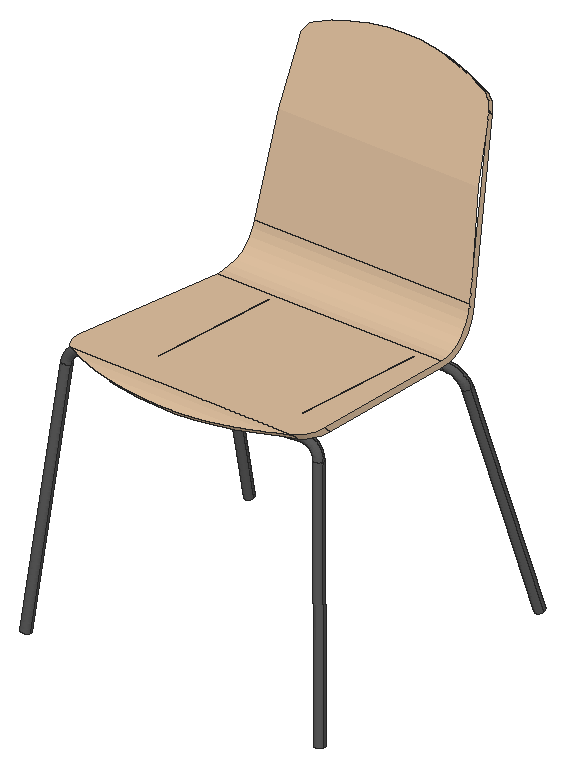
Revit family "FU_Chair_Sandler_Ann-1-1", category Furniture, Revit 2020
Family settings
  OmniClass Number = 23.40.20.00
  OmniClass Title = General Furniture and Specialties
  Work Plane-Based = No
  Always vertical = Yes
  Cut with Voids When Loaded = No
  Shared = No
  Room Calculation Point = No
Parameters (values of type "Ann 1.1")
  URL = "https://www.sandlerseating.com/product/ann-1-1/"
  Seat [instance] = Wood - Oak - Natural - V
  Model = "Ann 1.1"
  Manufacturer = "Sandler"
  Frame [instance] = Epoxy - M1_B00 - Black
  Description = "Side chair in wood with optional oval cut out in back. On 4 leg steel base.  Stacks 10 on floor and 15 on a trolley."
  Default Elevation = 0 mm
Reference planes
  plane 1 "Center (Front/Back)": y = 0
  plane 2: z = 0
  plane 3 "Center (Left/Right)": x = 0
  plane 4: x = -270
  plane 5: x = 270
  plane 6: y = 265
  plane 7: y = -265
  plane 8: z = 470
  plane 9: z = 830
Forms (mm)
  Sweep 1, solid, material "Epoxy - M1_B00 - Black" <- "Frame"
    path origin (0, -244.369, 0) x (0, 0.104528, 0.994522) y (1, 0, 0)
      loop
        line (0, -262.849) -> (427.252, -225.469)
        arc (427.252, -225.469) -> (448.33, -213.987) -> (454.241, -190.724) r 30
        arc (454.241, -190.724) -> (438.691, 0) -> (454.241, 190.724) r 1177.386
        arc (454.241, 190.724) -> (448.33, 213.987) -> (427.252, 225.469) r 30
        line (427.252, 225.469) -> (0, 262.849)
    profile origin (-244.159, -222.039, 212.456) x (0.996195, -0.00911, -0.086678) y (0, 0.994522, -0.104528)
      loop
        circle (0, 0) r 8
  Sweep 2, solid, material "Epoxy - M1_B00 - Black" <- "Frame"
    path origin (0, 251.566, 0) x (0, -0.284763, 0.958598) y (1, 0, 0)
      loop
        line (0, 259.963) -> (413.635, 223.774)
        arc (413.635, 223.774) -> (433.139, 214.156) -> (441.021, 193.888) r 30
        line (441.021, 193.888) -> (441.021, -193.888)
        arc (441.021, -193.888) -> (433.139, -214.156) -> (413.635, -223.774) r 30
        line (413.635, -223.774) -> (0, -259.963)
    profile origin (0, 125.98, 422.761) x (0, -0.284763, 0.958598) y (0, 0.958598, 0.284763)
      loop
        circle (0, 0) r 8
  Sweep 3, solid, material "Epoxy - M1_B00 - Black" <- "Frame"
    path origin (-129.454, -0.005, 1.25) x (0, 1, 0) y (0, 0, 1)
      loop
        line (126.591, 420.702) -> (-197.638, 444.612)
    profile origin (-129.454, -35.528, 433.907) x (0, -0.073544, -0.997292) y (1, 0, 0)
      loop
        circle (0, 0) r 7
  Sweep 4, solid, material "Epoxy - M1_B00 - Black" <- "Frame"
    path origin (129.454, -0.005, 1.25) x (0, 1, 0) y (0, 0, -1)
      loop
        line (126.591, -420.702) -> (-197.638, -444.612)
    profile origin (129.454, -35.528, 433.907) x (0, 0.073544, 0.997292) y (-1, 0, 0)
      loop
        circle (0, 0) r 7
  Extrusion 5, solid, material "Wood - Oak - Natural - V" <- "Seat"
    sketch origin (-129.454, 0, 0) x (0, 1, 0) y (0, 0, 1)
      loop
        arc (282.564, 822.372) -> (279.949, 828.942) -> (273.379, 826.327) r 5
        arc (273.379, 826.327) -> (215.886, 665.223) -> (179.379, 498.109) r 1340.39
        arc (179.379, 498.109) -> (154.491, 455.276) -> (107.081, 440.912) r 67.603
        line (107.081, 440.912) -> (-223.896, 467.764)
        arc (-223.896, 467.764) -> (-247.255, 467.121) -> (-269.929, 461.466) r 107.937
        arc (-269.929, 461.466) -> (-272.893, 455.046) -> (-266.473, 452.082) r 5
        arc (-266.473, 452.082) -> (-245.9, 457.213) -> (-224.704, 457.797) r 97.937
        line (-224.704, 457.797) -> (108.692, 430.749)
        arc (108.692, 430.749) -> (161.341, 446.724) -> (188.921, 494.332) r 75
        arc (188.921, 494.332) -> (225.184, 661.366) -> (282.564, 822.372) r 1330.39
    from -103.322 to 373.829
  Extrusion 6, void
    sketch origin (0, -574.826, 579.826) x (0, -0.707107, -0.707107) y (-1, 0, 0)
      loop
        arc (-716.96, 169.201) -> (-731.839, 163.568) -> (-741.745, 151.119) r 30
        arc (-741.745, 151.119) -> (-772.677, 0) -> (-741.745, -151.119) r 384.613
        arc (-741.745, -151.119) -> (-731.839, -163.568) -> (-716.96, -169.201) r 30
        line (-716.96, -169.201) -> (-200.161, -217.686)
        arc (-200.161, -217.686) -> (-181.482, -213.272) -> (-169.302, -198.439) r 30
        arc (-169.302, -198.439) -> (-132.996, 0) -> (-169.302, 198.439) r 560.464
        arc (-169.302, 198.439) -> (-181.482, 213.272) -> (-200.161, 217.686) r 30
        line (-200.161, 217.686) -> (-716.96, 169.201)
      loop
        line (-851.588, 329.361) -> (-851.588, -365.639) -> (-76.588, -365.639) -> (-76.588, 329.361) -> (-851.588, 329.361)
    from 0 to 688.933
Cuts and joins
  Extrusion 6 cuts Extrusion 5
Dimensions and locks
  equal spacing: plane 4, plane 3 "Center (Left/Right)", plane 5
  plane 4 to plane 5 = 540 mm
  equal spacing: plane 7, plane 1 "Center (Front/Back)", plane 6
  plane 7 to plane 6 = 530 mm
  plane 9 to level = 830 mm
  plane 8 to level = 470 mm
  aligned and locked: level to plane 2
Automatic sketch dimensions
  Sweep 1 sketch curve to plane 3 "Center (Left/Right)" = 0 mm
  plane 5 to Sweep 1 sketch curve = 74.417 mm
  Sweep 1 sketch curve to Sweep 1 sketch curve = 0 mm  (x2)
  plane 5 to Sweep 1 sketch curve = 44.531 mm
  Sweep 1 sketch curve to Sweep 1 sketch curve = 2.615 mm  (x2)
  plane 4 to Sweep 1 sketch curve = 44.531 mm
  Sweep 1 sketch curve to Sweep 1 sketch curve = 1191.44 mm
  plane 4 to Sweep 1 sketch curve = 7.151 mm
  Sweep 1 sketch curve to Sweep 1 sketch curve = 427.252 mm  (x2)
  plane 5 to Sweep 1 sketch curve = 7.151 mm
  Sweep 1 sketch curve to profile plane = 0 mm  (x2)
  plane 5 to Sweep 2 sketch curve = 76.112 mm
  Sweep 2 sketch curve to Sweep 2 sketch curve = 0 mm
  plane 5 to Sweep 2 sketch curve = 46.226 mm
  Sweep 2 sketch curve to Sweep 2 sketch curve = 2.615 mm
  plane 4 to Sweep 2 sketch curve = 46.226 mm
  plane 4 to Sweep 2 sketch curve = 10.037 mm
  Sweep 2 sketch curve to Sweep 2 sketch curve = 413.635 mm  (x2)
  plane 5 to Sweep 2 sketch curve = 10.037 mm
  profile plane to Sweep 2 sketch curve = 0 mm
  Sweep 2 sketch curve to profile plane = 0 mm
  Sweep 3 sketch curve to plane 8 = 24.138 mm
  Sweep 3 sketch curve to plane 7 = 67.357 mm
  Sweep 3 sketch curve to plane 8 = 48.048 mm
  Sweep 3 sketch curve to plane 1 "Center (Front/Back)" = 126.586 mm
  Sweep 3 sketch curve to profile plane = 0 mm  (x2)
  Sweep 4 sketch curve to plane 8 = 24.138 mm
  Sweep 4 sketch curve to plane 7 = 67.357 mm
  Sweep 4 sketch curve to plane 8 = 48.048 mm
  Sweep 4 sketch curve to plane 1 "Center (Front/Back)" = 126.586 mm
  profile plane to Sweep 4 sketch curve = 0 mm
  Sweep 4 sketch curve to profile plane = 0 mm
  Extrusion 6 sketch curve to plane 3 "Center (Left/Right)" = 0 mm  (x2)
  Extrusion 6 sketch curve to plane 5 = 95.639 mm
  plane 5 to Extrusion 6 sketch curve = 100.799 mm
  Extrusion 6 sketch curve to Extrusion 6 sketch curve = 134.628 mm  (x2)
  Extrusion 6 sketch curve to Extrusion 6 sketch curve = 2.802 mm  (x4)
  Extrusion 6 sketch curve to Extrusion 6 sketch curve = 20.698 mm
  plane 5 to Extrusion 6 sketch curve = 52.314 mm
  Extrusion 6 sketch curve to Extrusion 6 sketch curve = 29.869 mm  (x4)
  Extrusion 6 sketch curve to plane 4 = 59.361 mm
  Extrusion 6 sketch curve to Extrusion 6 sketch curve = 0 mm  (x2)
  Sweep 1 sketch curve to Sweep 1 sketch curve = 29.886 mm
  plane 4 to Sweep 2 sketch curve = 76.112 mm
  plane 4 to Extrusion 6 sketch curve = 130.668 mm
  plane 4 to Extrusion 6 sketch curve = 82.183 mm
  Extrusion 6 sketch curve to Extrusion 6 sketch curve = 305.396 mm
  Extrusion 6 sketch curve to Extrusion 6 sketch curve = 187.903 mm  (x2)
  Extrusion 6 sketch curve to Extrusion 6 sketch curve = 92.714 mm
  Extrusion 5 sketch curve to Extrusion 5 sketch curve = 0 mm  (x8)
  plane 7 to Extrusion 5 sketch curve = 3.201 mm
  Extrusion 5 sketch curve to plane 7 = 32.376 mm
  Extrusion 5 sketch curve to plane 8 = 12.203 mm
  Extrusion 5 sketch curve to plane 7 = 40.296 mm
  Extrusion 5 sketch curve to plane 8 = 2.236 mm
  Extrusion 5 sketch curve to Extrusion 5 sketch curve = 0.809 mm
  Extrusion 5 sketch curve to plane 8 = 29.088 mm
  Extrusion 5 sketch curve to plane 1 "Center (Front/Back)" = 107.081 mm
  Extrusion 5 sketch curve to plane 8 = 39.251 mm
  Extrusion 5 sketch curve to Extrusion 5 sketch curve = 1.612 mm
  Extrusion 5 sketch curve to Extrusion 5 sketch curve = 5.467 mm
  Extrusion 5 sketch curve to Extrusion 5 sketch curve = 2.21 mm
  Extrusion 5 sketch curve to plane 9 = 5.651 mm
  plane 6 to Extrusion 5 sketch curve = 12.972 mm
  Extrusion 5 sketch curve to plane 8 = 173.824 mm
  plane 6 to Extrusion 5 sketch curve = 1239.471 mm
  Extrusion 5 sketch curve to Extrusion 5 sketch curve = 97.617 mm
  Extrusion 5 sketch curve to plane 8 = 13.226 mm
  plane 8 to Extrusion 5 sketch curve = 35.503 mm
  Extrusion 5 sketch curve to Extrusion 5 sketch curve = 2.791 mm
  radius of Sweep 1 sketch curve = 8 mm
  radius of Sweep 2 sketch curve = 8 mm
  radius of Sweep 3 sketch curve = 7 mm
  radius of Sweep 4 sketch curve = 7 mm
